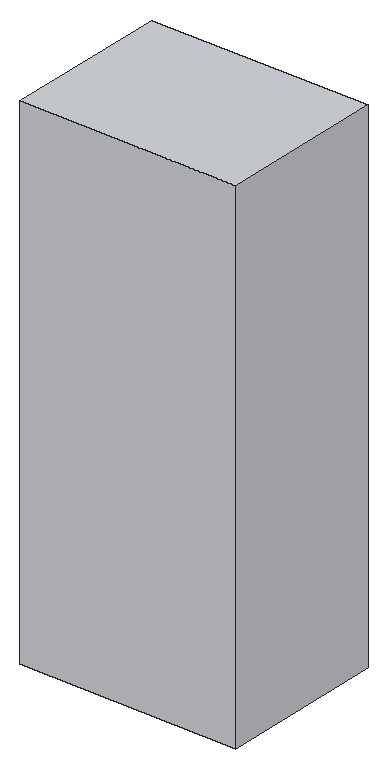
Revit family
Parameters
  Warranty Duration (Years) = 0
  Unit Width [instance] = 1' - 8 177/256"
  Unit Height [instance] = 6' - 0"
  Unit Depth = 0' - 0"
  URL = "http://www.americanspecialties.com/viewCategories.cfm"
  Trim Material = Metal - Stainless Steel w/satin
  Test Data = ""
  Specification = "http://www.arcat.com/sdspecs/htm/10810asi.htm"
  SpecWizard = ""
  Send Message = "http://www.arcat.com/users.pl?action=UserEmail&company=American%20Specialties,%20Inc.&coid=30448&rep=139&fax=914-476-0688&mf="
  Sales Information = "http://www.americanspecialties.com/contact"
  Revision = "R1_10-2010"
  Product Properties = "http://www.americanspecialties.com/datasheets/1214.pdf"
  Product Data = "http://www.arcat.com/arcatcos/cos30/arc30448.html"
  Model = "As Specified in 10 28 13"
  Manufacturer Website = "http://www.americanspecialties.com/viewCategories.cfm"
  Manufacturer Phone - Toll Free = ""
  Manufacturer Phone = "914-476-9000 "
  Manufacturer Fax = "914-476-0688"
  Manufacturer Address = "441 Saw Mill River Rd., Yonkers, NY 10701"
  Manufacturer = "American Specialties, Inc."
  Maintenance Schedule (Months) = 0
  Keynote = "10 28 13"
  Installation-Fabrication = "http://www.americanspecialties.com/products.cfm"
  Green Building-LEED = ""
  Expected Lifespan (Years) = 0
  Drawn By = "Robert S. Weygant. CSI, CDT, SCIP"  # constant formula
  Description = "Toilet Accessory as Specified in 10 28 13"
  Default Elevation = 4' - 0"
  Copyright = "©Arcat Inc."
  Construction Details = "http://www.arcat.com/green/clients/leed_data_30448.html"
  Building Codes = "http://www.americanspecialties.com/products.cfm"
  Body Material = Metal - Stainless Steel w/satin
  Assembly Code = "C1030210"
Reference planes (in)
  plane 1 "Center (Front/Back)": y = -0.29112
  plane 2 "Floor Line": z = 0
  plane 3: z = 0.5
  plane 4: x = -0.53343
  plane 5: z = 72
Forms (in)
  Extrusion 1, solid
    sketch origin (-3, -9, -6) x (0, 0, -1) y (1, 0, 0)
      loop
        line (-112, 26) -> (-112, -19.34712) -> (-6, -19.34712) -> (-6, 26) -> (-112, 26)
    from 9 to -25.60721
  Extrusion 2, solid, material "Metal - Stainless Steel w/satin" <- "Body Material"
    sketch origin (0.125, 0, 0) x (1, 0, 0) y (0, 1, 0)
      loop
        circle (-0.65843, -0.29112) r 1.59375
      loop
        circle (-0.65843, 1.02138) r 0.125
      loop
        circle (-1.79509, -0.94737) r 0.125
      loop
        circle (0.47822, -0.94737) r 0.125
    from 0 to 0.5
  Extrusion 3, solid, material "Metal - Stainless Steel w/satin" <- "Body Material"
    sketch origin (0.125, 0, -0.5) x (1, 0, 0) y (0, 1, 0)
      loop
        circle (-0.65843, -0.29112) r 0.5
    from 1 to 72
  Extrusion 4, solid, material "Metal - Stainless Steel w/satin" <- "Body Material"
    sketch origin (0.125, 0, 114) x (1, 0, 0) y (0, 1, 0)
      loop
        circle (-0.65843, -0.29112) r 1.59375
      loop
        circle (-0.65843, 1.02138) r 0.125
      loop
        circle (-1.79509, -0.94737) r 0.125
      loop
        circle (0.47822, -0.94737) r 0.125
    from -42.5 to -42
Dimensions and locks (in)
  locked: plane 3 to plane 2 "Floor Line" at 0.5
  locked: Extrusion 4 to Extrusion 4 at 0.5
  "Unit Height": plane 5 to level
  aligned and locked: Extrusion 1 to level
  aligned and locked: Extrusion 2 to plane 2 "Floor Line"
  aligned and locked: plane 3 to Extrusion 2  (x2)
  aligned and locked: Extrusion 3 to Extrusion 4  (x2)
  aligned and locked: plane 5 to Extrusion 4
  aligned and locked: plane 2 "Floor Line" to Extrusion 2
  aligned and locked: Extrusion 3 to plane 3
Automatic sketch dimensions
  Extrusion 1 sketch curve to Extrusion 1 sketch curve = 8' - 10"
  Extrusion 1 sketch curve to Extrusion 1 sketch curve = 3' - 9.34712"
  Extrusion 2 sketch curve to plane 1 "Center (Front/Back)" = 0' - 0"
  Extrusion 2 sketch curve to plane 4 = 0' - 1.13666"
  Extrusion 2 sketch curve to plane 4 = 0' - 0"  (x2)
  plane 4 to Extrusion 2 sketch curve = 0' - 1.13666"
  plane 1 "Center (Front/Back)" to Extrusion 2 sketch curve = 0' - 0 21/32"  (x2)
  Extrusion 2 sketch curve to plane 1 "Center (Front/Back)" = 0' - 1 5/16"
  Extrusion 3 sketch curve to plane 1 "Center (Front/Back)" = 0' - 0"
  Extrusion 3 sketch curve to plane 4 = 0' - 0"
  Extrusion 4 sketch curve to plane 4 = 0' - 0"  (x2)
  Extrusion 4 sketch curve to plane 1 "Center (Front/Back)" = 0' - 0"
  Extrusion 4 sketch curve to plane 4 = 0' - 1.13666"
  plane 4 to Extrusion 4 sketch curve = 0' - 1.13666"
  plane 1 "Center (Front/Back)" to Extrusion 4 sketch curve = 0' - 0 21/32"  (x2)
  Extrusion 4 sketch curve to Extrusion 4 sketch curve = 0' - 1 5/16"
  radius of Extrusion 2 sketch curve = 0' - 1 19/32"
  radius of Extrusion 2 sketch curve = 0' - 0 1/8"  (x3)
  radius of Extrusion 3 sketch curve = 0' - 0 1/2"
  radius of Extrusion 4 sketch curve = 0' - 1 19/32"
  radius of Extrusion 4 sketch curve = 0' - 0 1/8"  (x3)
